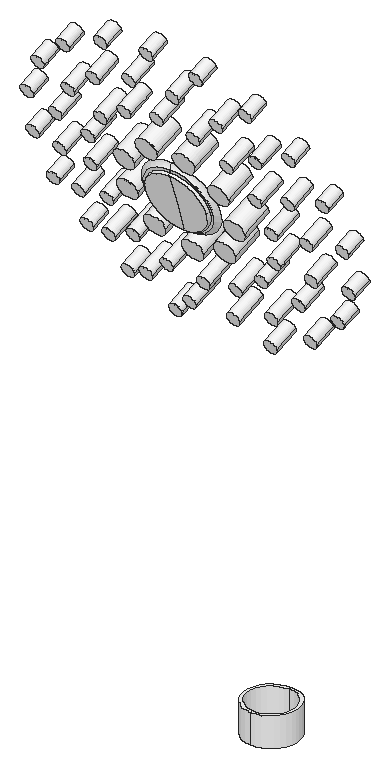
Revit family "Reece_Shower_Posh_Domaine_Shower Handpiece_3 Function", category Plumbing Fixtures, host Face, Revit 2018
Family settings
  Host = Face
  Round Connector Dimension = Use Diameter
  Part Type = Normal
  Cut with Voids When Loaded = No
  Shared = Yes
  Room Calculation Point = Yes
Parameters (values of type "Chrome")
  WFU = 0  # constant formula
  URL = "https://www.reece.com.au/product/-2213739"
  Type Comments = "Shower"
  Reece_Shower_Inlet = 12 mm  # constant formula
  Reece_Product_Web Page = "https://www.reece.com.au/product/-2213739"
  Reece_Product_Type = "Shower"  # constant formula
  Reece_Product_Sub Brand = "Domaine"  # constant formula
  Reece_Product_Number = "2213739"
  Reece_Product_Mount = "N/A"
  Reece_Product_Description = "Posh Domaine Shower Handpiece Only 3 Function Chrome (4 Star)"
  Reece_Product_Brand = "Posh"  # constant formula
  Reece_Overall_Projection = 67 mm  # constant formula
  Reece_Overall_Height = 243 mm  # constant formula
  Reece_Overall_Diameter = 130 mm  # constant formula
  Reece_Material_Secondary = Reece_Plastic_White
  Reece_Material_Main = Reece_Brass_Chrome
  Reece_Detail_Function = "3 Function"  # constant formula
  Reece_Detail_Disclaimer = "THIS FILE IS THE PROPERTY OF THE REECE GROUP. IT MAY NOT BE REPRODUCED, REVERSE-ENGINEERED OR MODIFIED. ANY REPUBLICATION, TRANSMISSION OR DISTRIBUTION FOR THE PURPOSE OF COMMERCIALLY EXPLOITING THE FILES IS PROHIBITED."  # constant formula
  Reece_Detail_Additional = "Handpiece"  # constant formula
  Model = "Domaine"
  Manufacturer = "Posh"
  Keynote = "Product #2213739, Reece_Shower_Posh_Domaine_Shower Handpiece_3 Function - Chrome"
  HWFU = 0  # constant formula
  Disclaimer = "THIS FILE IS THE PROPERTY OF THE REECE GROUP. IT MAY NOT BE REPRODUCED, REVERSE-ENGINEERED OR MODIFIED. ANY REPUBLICATION, TRANSMISSION OR DISTRIBUTION FOR THE PURPOSE OF COMMERCIALLY EXPLOITING THE FILES IS PROHIBITED."  # constant formula
  Description = "Posh Domaine Shower Handpiece Only 3 Function Chrome (4 Star)"
  Default Elevation = 0 mm
  CWFU = 0  # constant formula
Reference planes
  plane 1 "Center (Front/Back)": y = 0
  plane 2: z = 0
  plane 3 "Center (Left/Right)": x = 0
  plane 4: x = -65
  plane 5: x = 65
  plane 6: z = 243
  plane 7: y = 14.326
  plane 8: y = -52.674
Forms (mm)
  Revolve 1, solid, material "Reece_Brass_Chrome" <- "Reece_Material_Main"
    sketch origin (0, -113.192, 395.542) x (0, -0.326726, 0.945119) y (0, -0.945119, -0.326726)
      loop
        line (-232.077, -0.054) -> (-219.185, -0.054)
        arc (-219.185, -0.054) -> (-220.017, 0.517) -> (-220.637, 1.313) r 3.281
        line (-220.637, 1.313) -> (-221.67, 1.313)
        arc (-221.67, 1.313) -> (-221.708, 1.853) -> (-221.98, 2.322) r 1.204
        line (-221.98, 2.322) -> (-232.077, 2.322) -> (-232.077, -0.054)
      axis (-232.077, -0.054) -> (-232.077, 2.322)
    angle from 0 to 360
  Revolve 2, solid, material "Reece_Brass_Chrome" <- "Reece_Material_Main"
    sketch origin (0, 0, 0) x (0, 1, 0) y (0, 0, 1)
      loop
        line (7.5, 0) -> (8.5, 0) -> (8.5, 9.664) -> (7.5, 9.664) -> (7.5, 0)
      axis (0, 0) -> (0, 9.664)
    angle from 0 to 360
  Extrusion 3, solid, material "Reece_Brass_Chrome" <- "Reece_Material_Main", detail levels fine
    sketch origin (0, 113.28, 201.461) x (1, 0, 0) y (0, -0.335757, 0.941949)
      loop
        circle (0, 78.112) r 2.207
    from 141.626 to 147.837
  Extrusion 4, solid, material "Reece_Brass_Chrome" <- "Reece_Material_Main", detail levels fine
    sketch origin (15.853, 114.123, 199.096) x (1, 0, 0) y (0, -0.335757, 0.941949)
      loop
        circle (0, 78.112) r 2.207
    from 141.626 to 147.837
  Extrusion 5, solid, material "Reece_Brass_Chrome" <- "Reece_Material_Main", detail levels fine
    sketch origin (0, 120.499, 181.209) x (1, 0, 0) y (0, -0.335757, 0.941949)
      loop
        circle (0, 78.112) r 2.207
    from 141.626 to 150.837
  Extrusion 6, solid, material "Reece_Brass_Chrome" <- "Reece_Material_Main", detail levels fine
    sketch origin (30.389, 116.61, 192.119) x (1, 0, 0) y (0, -0.335757, 0.941949)
      loop
        circle (0, 78.112) r 2.207
    from 141.626 to 147.837
  Extrusion 7, solid, material "Reece_Brass_Chrome" <- "Reece_Material_Main", detail levels fine
    sketch origin (41.813, 120.446, 181.359) x (1, 0, 0) y (0, -0.335757, 0.941949)
      loop
        circle (0, 78.112) r 2.207
    from 141.626 to 147.837
  Extrusion 8, solid, material "Reece_Brass_Chrome" <- "Reece_Material_Main", detail levels fine
    sketch origin (7.246, 117.013, 190.989) x (1, 0, 0) y (0, -0.335757, 0.941949)
      loop
        circle (0, 78.112) r 2.207
    from 141.626 to 149.837
  Extrusion 9, solid, material "Reece_Brass_Chrome" <- "Reece_Material_Main", detail levels fine
    sketch origin (20.535, 118.678, 186.319) x (1, 0, 0) y (0, -0.335757, 0.941949)
      loop
        circle (0, 78.112) r 2.207
    from 141.626 to 149.837
  Extrusion 10, solid, material "Reece_Brass_Chrome" <- "Reece_Material_Main", detail levels fine
    sketch origin (11.512, 121.311, 178.931) x (1, 0, 0) y (0, -0.335757, 0.941949)
      loop
        circle (0, 78.112) r 2.207
    from 141.626 to 150.837
  Extrusion 11, solid, material "Reece_Brass_Chrome" <- "Reece_Material_Main", detail levels fine
    sketch origin (20.995, 123.459, 172.906) x (1, 0, 0) y (0, -0.335757, 0.941949)
      loop
        circle (0, 78.112) r 2.207
    from 141.626 to 150.837
  Extrusion 12, solid, material "Reece_Brass_Chrome" <- "Reece_Material_Main", detail levels fine
    sketch origin (31.232, 121.7, 177.84) x (1, 0, 0) y (0, -0.335757, 0.941949)
      loop
        circle (0, 78.112) r 2.207
    from 141.626 to 149.837
  Extrusion 13, solid, material "Reece_Brass_Chrome" <- "Reece_Material_Main", detail levels fine
    sketch origin (38.742, 125.83, 166.254) x (1, 0, 0) y (0, -0.335757, 0.941949)
      loop
        circle (0, 78.112) r 2.207
    from 141.626 to 149.837
  Extrusion 14, solid, material "Reece_Brass_Chrome" <- "Reece_Material_Main", detail levels fine
    sketch origin (27.823, 126.744, 163.69) x (1, 0, 0) y (0, -0.335757, 0.941949)
      loop
        circle (0, 78.112) r 2.207
    from 141.626 to 150.837
  Extrusion 15, solid, material "Reece_Brass_Chrome" <- "Reece_Material_Main", detail levels fine
    sketch origin (15.853, 94.8, 253.308) x (1, 0, 0) y (0, -0.335757, 0.941949)
      loop
        circle (0, -78.112) r 2.207
    from 141.626 to 149.837
  Extrusion 16, solid, material "Reece_Brass_Chrome" <- "Reece_Material_Main", detail levels fine
    sketch origin (0, 88.424, 271.195) x (1, 0, 0) y (0, -0.335757, 0.941949)
      loop
        circle (0, -78.112) r 2.207
    from 141.626 to 151.837
  Extrusion 17, solid, material "Reece_Brass_Chrome" <- "Reece_Material_Main", detail levels fine
    sketch origin (30.389, 92.313, 260.285) x (1, 0, 0) y (0, -0.335757, 0.941949)
      loop
        circle (0, -78.112) r 2.207
    from 141.626 to 148.837
  Extrusion 18, solid, material "Reece_Brass_Chrome" <- "Reece_Material_Main", detail levels fine
    sketch origin (41.813, 88.477, 271.045) x (1, 0, 0) y (0, -0.335757, 0.941949)
      loop
        circle (0, -78.112) r 2.207
    from 141.626 to 147.837
  Extrusion 19, solid, material "Reece_Brass_Chrome" <- "Reece_Material_Main", detail levels fine
    sketch origin (7.246, 91.91, 261.415) x (1, 0, 0) y (0, -0.335757, 0.941949)
      loop
        circle (0, -78.112) r 2.207
    from 141.626 to 151.837
  Extrusion 20, solid, material "Reece_Brass_Chrome" <- "Reece_Material_Main", detail levels fine
    sketch origin (20.535, 90.245, 266.085) x (1, 0, 0) y (0, -0.335757, 0.941949)
      loop
        circle (0, -78.112) r 2.207
    from 141.626 to 150.837
  Extrusion 21, solid, material "Reece_Brass_Chrome" <- "Reece_Material_Main", detail levels fine
    sketch origin (11.512, 87.612, 273.473) x (1, 0, 0) y (0, -0.335757, 0.941949)
      loop
        circle (0, -78.112) r 2.207
    from 141.626 to 151.837
  Extrusion 22, solid, material "Reece_Brass_Chrome" <- "Reece_Material_Main", detail levels fine
    sketch origin (20.995, 85.464, 279.498) x (1, 0, 0) y (0, -0.335757, 0.941949)
      loop
        circle (0, -78.112) r 2.207
    from 141.626 to 150.837
  Extrusion 23, solid, material "Reece_Brass_Chrome" <- "Reece_Material_Main", detail levels fine
    sketch origin (31.232, 87.223, 274.564) x (1, 0, 0) y (0, -0.335757, 0.941949)
      loop
        circle (0, -78.112) r 2.207
    from 141.626 to 149.837
  Extrusion 24, solid, material "Reece_Brass_Chrome" <- "Reece_Material_Main", detail levels fine
    sketch origin (49.242, 83.715, 284.406) x (1, 0, 0) y (0, -0.335757, 0.941949)
      loop
        circle (0, -78.112) r 2.207
    from 141.626 to 147.837
  Extrusion 25, solid, material "Reece_Brass_Chrome" <- "Reece_Material_Main", detail levels fine
    sketch origin (38.742, 83.093, 286.15) x (1, 0, 0) y (0, -0.335757, 0.941949)
      loop
        circle (0, -78.112) r 2.207
    from 141.626 to 149.837
  Extrusion 26, solid, material "Reece_Brass_Chrome" <- "Reece_Material_Main", detail levels fine
    sketch origin (27.823, 82.179, 288.714) x (1, 0, 0) y (0, -0.335757, 0.941949)
      loop
        circle (0, -78.112) r 2.207
    from 141.626 to 150.837
  Extrusion 27, solid, material "Reece_Brass_Chrome" <- "Reece_Material_Main", detail levels fine
    sketch origin (30.133, 130.623, 152.806) x (1, 0, 0) y (0, -0.335757, 0.941949)
      loop
        circle (0, 78.112) r 2.207
    from 141.626 to 150.837
  Extrusion 28, solid, material "Reece_Brass_Chrome" <- "Reece_Material_Main", detail levels fine
    sketch origin (41.096, 130.623, 152.806) x (1, 0, 0) y (0, -0.335757, 0.941949)
      loop
        circle (0, 78.112) r 2.207
    from 141.626 to 149.837
  Extrusion 29, solid, material "Reece_Brass_Chrome" <- "Reece_Material_Main", detail levels fine
    sketch origin (51.599, 130.623, 152.806) x (1, 0, 0) y (0, -0.335757, 0.941949)
      loop
        circle (0, 78.112) r 2.207
    from 141.626 to 147.837
  Extrusion 30, solid, material "Reece_Brass_Chrome" <- "Reece_Material_Main", detail levels fine
    sketch origin (-15.853, 114.123, 199.096) x (-1, 0, 0) y (0, 0.335757, -0.941949)
      loop
        circle (0, -78.112) r 2.207
    from 141.626 to 147.837
  Extrusion 31, solid, material "Reece_Brass_Chrome" <- "Reece_Material_Main", detail levels fine
    sketch origin (-30.389, 116.61, 192.119) x (-1, 0, 0) y (0, 0.335757, -0.941949)
      loop
        circle (0, -78.112) r 2.207
    from 141.626 to 147.837
  Extrusion 32, solid, material "Reece_Brass_Chrome" <- "Reece_Material_Main", detail levels fine
    sketch origin (-41.813, 120.446, 181.359) x (-1, 0, 0) y (0, 0.335757, -0.941949)
      loop
        circle (0, -78.112) r 2.207
    from 141.626 to 147.837
  Extrusion 33, solid, material "Reece_Brass_Chrome" <- "Reece_Material_Main", detail levels fine
    sketch origin (-7.246, 117.013, 190.989) x (-1, 0, 0) y (0, 0.335757, -0.941949)
      loop
        circle (0, -78.112) r 2.207
    from 141.626 to 149.837
  Extrusion 34, solid, material "Reece_Brass_Chrome" <- "Reece_Material_Main", detail levels fine
    sketch origin (-20.535, 118.678, 186.319) x (-1, 0, 0) y (0, 0.335757, -0.941949)
      loop
        circle (0, -78.112) r 2.207
    from 141.626 to 149.837
  Extrusion 35, solid, material "Reece_Brass_Chrome" <- "Reece_Material_Main", detail levels fine
    sketch origin (-11.512, 121.311, 178.931) x (-1, 0, 0) y (0, 0.335757, -0.941949)
      loop
        circle (0, -78.112) r 2.207
    from 141.626 to 150.837
  Extrusion 36, solid, material "Reece_Brass_Chrome" <- "Reece_Material_Main", detail levels fine
    sketch origin (-20.995, 123.459, 172.906) x (-1, 0, 0) y (0, 0.335757, -0.941949)
      loop
        circle (0, -78.112) r 2.207
    from 141.626 to 150.837
  Extrusion 37, solid, material "Reece_Brass_Chrome" <- "Reece_Material_Main", detail levels fine
    sketch origin (-31.232, 121.7, 177.84) x (-1, 0, 0) y (0, 0.335757, -0.941949)
      loop
        circle (0, -78.112) r 2.207
    from 141.626 to 149.837
  Extrusion 38, solid, material "Reece_Brass_Chrome" <- "Reece_Material_Main", detail levels fine
    sketch origin (-49.242, 125.208, 167.998) x (-1, 0, 0) y (0, 0.335757, -0.941949)
      loop
        circle (0, -78.112) r 2.207
    from 141.626 to 147.837
  Extrusion 39, solid, material "Reece_Brass_Chrome" <- "Reece_Material_Main", detail levels fine
    sketch origin (-38.742, 125.83, 166.254) x (-1, 0, 0) y (0, 0.335757, -0.941949)
      loop
        circle (0, -78.112) r 2.207
    from 141.626 to 149.837
  Extrusion 40, solid, material "Reece_Brass_Chrome" <- "Reece_Material_Main", detail levels fine
    sketch origin (-27.823, 126.744, 163.69) x (-1, 0, 0) y (0, 0.335757, -0.941949)
      loop
        circle (0, -78.112) r 2.207
    from 141.626 to 150.837
  Extrusion 41, solid, material "Reece_Brass_Chrome" <- "Reece_Material_Main", detail levels fine
    sketch origin (-15.853, 94.8, 253.308) x (-1, 0, 0) y (0, 0.335757, -0.941949)
      loop
        circle (0, 78.112) r 2.207
    from 141.626 to 149.837
  Extrusion 42, solid, material "Reece_Brass_Chrome" <- "Reece_Material_Main", detail levels fine
    sketch origin (-30.389, 92.313, 260.285) x (-1, 0, 0) y (0, 0.335757, -0.941949)
      loop
        circle (0, 78.112) r 2.207
    from 141.626 to 148.837
  Extrusion 43, solid, material "Reece_Brass_Chrome" <- "Reece_Material_Main", detail levels fine
    sketch origin (-41.813, 88.477, 271.045) x (-1, 0, 0) y (0, 0.335757, -0.941949)
      loop
        circle (0, 78.112) r 2.207
    from 141.626 to 147.837
  Extrusion 44, solid, material "Reece_Brass_Chrome" <- "Reece_Material_Main", detail levels fine
    sketch origin (-7.246, 91.91, 261.415) x (-1, 0, 0) y (0, 0.335757, -0.941949)
      loop
        circle (0, 78.112) r 2.207
    from 141.626 to 151.837
  Extrusion 45, solid, material "Reece_Brass_Chrome" <- "Reece_Material_Main", detail levels fine
    sketch origin (-20.535, 90.245, 266.085) x (-1, 0, 0) y (0, 0.335757, -0.941949)
      loop
        circle (0, 78.112) r 2.207
    from 141.626 to 151.837
  Extrusion 46, solid, material "Reece_Brass_Chrome" <- "Reece_Material_Main", detail levels fine
    sketch origin (-20.995, 85.464, 279.498) x (-1, 0, 0) y (0, 0.335757, -0.941949)
      loop
        circle (0, 78.112) r 2.207
    from 141.626 to 151.837
  Extrusion 47, solid, material "Reece_Brass_Chrome" <- "Reece_Material_Main", detail levels fine
    sketch origin (-31.232, 87.223, 274.564) x (-1, 0, 0) y (0, 0.335757, -0.941949)
      loop
        circle (0, 78.112) r 2.207
    from 141.626 to 150.837
  Extrusion 48, solid, material "Reece_Brass_Chrome" <- "Reece_Material_Main", detail levels fine
    sketch origin (-49.242, 83.715, 284.406) x (-1, 0, 0) y (0, 0.335757, -0.941949)
      loop
        circle (0, 78.112) r 2.207
    from 141.626 to 147.837
  Extrusion 49, solid, material "Reece_Brass_Chrome" <- "Reece_Material_Main", detail levels fine
    sketch origin (-38.742, 83.093, 286.15) x (-1, 0, 0) y (0, 0.335757, -0.941949)
      loop
        circle (0, 78.112) r 2.207
    from 141.626 to 149.837
  Extrusion 50, solid, material "Reece_Brass_Chrome" <- "Reece_Material_Main", detail levels fine
    sketch origin (-27.823, 82.179, 288.714) x (-1, 0, 0) y (0, 0.335757, -0.941949)
      loop
        circle (0, 78.112) r 2.207
    from 141.626 to 150.837
  Extrusion 51, solid, material "Reece_Brass_Chrome" <- "Reece_Material_Main", detail levels fine
    sketch origin (-30.133, 130.623, 152.806) x (-1, 0, 0) y (0, 0.335757, -0.941949)
      loop
        circle (0, -78.112) r 2.207
    from 141.626 to 150.837
  Extrusion 52, solid, material "Reece_Brass_Chrome" <- "Reece_Material_Main", detail levels fine
    sketch origin (-41.096, 130.623, 152.806) x (-1, 0, 0) y (0, 0.335757, -0.941949)
      loop
        circle (0, -78.112) r 2.207
    from 141.626 to 149.837
  Extrusion 53, solid, material "Reece_Brass_Chrome" <- "Reece_Material_Main", detail levels fine
    sketch origin (-51.599, 130.623, 152.806) x (-1, 0, 0) y (0, 0.335757, -0.941949)
      loop
        circle (0, -78.112) r 2.207
    from 141.626 to 147.837
  Extrusion 54, solid, material "Reece_Brass_Chrome" <- "Reece_Material_Main", detail levels fine
    sketch origin (6.831, 124.506, 169.97) x (1, 0, 0) y (0, -0.335757, 0.941949)
      loop
        circle (8.883, 68.967) r 3.52
      loop
        circle (10.967, 56.864) r 3.52
    from 141.626 to 151.837
  Extrusion 55, solid, material "Reece_Brass_Chrome" <- "Reece_Material_Main", detail levels fine
    sketch origin (-6.831, 124.506, 169.97) x (-1, 0, 0) y (0, 0.335757, -0.941949)
      loop
        circle (8.883, -68.967) r 3.52
      loop
        circle (10.967, -56.864) r 3.52
    from 141.626 to 151.837
  Extrusion 56, solid, material "Reece_Brass_Chrome" <- "Reece_Material_Main", detail levels fine
    sketch origin (6.604, 124.546, 169.857) x (1, 0, 0) y (0, -0.335757, 0.941949)
      loop
        circle (-0.404, 76.966) r 3.648
    from 141.626 to 151.837
  Extrusion 57, solid, material "Reece_Brass_Chrome" <- "Reece_Material_Main", detail levels fine
    sketch origin (-6.604, 124.546, 169.857) x (-1, 0, 0) y (0, 0.335757, -0.941949)
      loop
        circle (-0.404, -76.966) r 3.648
    from 141.626 to 151.837
  Extrusion 58, solid, material "Reece_Brass_Chrome" <- "Reece_Material_Main", detail levels fine
    sketch origin (-12.028, 83.216, 285.806) x (-1, 0, 0) y (0, 0.335757, -0.941949)
      loop
        circle (-0.404, 76.966) r 3.648
    from 141.626 to 151.837
  Extrusion 59, solid, material "Reece_Brass_Chrome" <- "Reece_Material_Main", detail levels fine
    sketch origin (11.298, 83.221, 285.79) x (-1, 0, 0) y (0, 0.335757, -0.941949)
      loop
        circle (-0.404, 76.966) r 3.648
    from 141.626 to 151.837
  Extrusion 60, solid, material "Reece_Brass_Chrome" <- "Reece_Material_Main", detail levels fine
    sketch origin (-0.533, 84.667, 281.734) x (-1, 0, 0) y (0, 0.335757, -0.941949)
      loop
        circle (-0.404, 76.966) r 3.648
    from 141.626 to 151.837
  Extrusion 61, solid, material "Reece_Brass_Chrome" <- "Reece_Material_Main", detail levels fine
    sketch origin (49.242, 125.208, 167.998) x (1, 0, 0) y (0, -0.335757, 0.941949)
      loop
        circle (0, 78.112) r 2.207
    from 141.626 to 147.837
  Extrusion 62, solid, material "Reece_Brass_Chrome" <- "Reece_Material_Main", detail levels fine
    sketch origin (-11.668, 87.823, 272.881) x (1, 0, 0) y (0, -0.335757, 0.941949)
      loop
        circle (0, -78.112) r 2.207
    from 141.626 to 151.837
Lines and regions (mm)
  symbolic lines, style "PlumbingFixtures"
    curve 1: line (0, -13.826, 9.784) -> (0, -12.549, 80.706)
    curve 2: arc (0, -12.549, 80.706) -> (0, -12.683, 92.01) -> (0, -13.49, 103.286) r 189.436
    curve 3: arc (0, -52.704, 240.362) -> (0, -46.768, 206.732) -> (0, -37.914, 173.75) r 390.174
    curve 4: line (0, 14.326, 9.664) -> (0, 14.326, 59.664)
    curve 5: arc (0, 14.326, 59.664) -> (0, -0.462, 155.778) -> (0, -43.46, 243) r 319.727
    curve 6: line (0, -43.46, 243) -> (0, -52.704, 240.362)
    curve 7: arc (0, -18.749, 124.513) -> (0, -40.187, 181.092) -> (0, -52.694, 240.289) r 393.37
    curve 8: line (0, 14.326, 9.664) -> (0, -14.041, 9.789)
Text (mm)
  text "Reece Copyright © 2018, Reece Ltd." at (-503.099, -301.138, 0), in view "Ref. Level"
  text "Reece ©" at (290.323, 26.521, 334.836), in view "Reece_Preview"
Dimensions and locks
  equal spacing: plane 4, plane 3 "Center (Left/Right)", plane 5
  "Reece_Overall_Diameter": plane 4 to plane 5
  "Reece_Overall_Diameter": free form element to plane 4
  "Reece_Overall_Height": plane 6 to plane 2
  "Reece_Overall_Projection": plane 7 to plane 8
  "Reece_Overall_Projection": plane 7 to free form element
  aligned and locked: plane 2 to host face
  aligned and locked: level to host face
Automatic sketch dimensions
  host sketch curve to host sketch curve = 407.898 mm
  host sketch curve to host sketch curve = 410.737 mm
  Revolve 1 sketch curve to Revolve 1 sketch curve = 9.217 mm
  Revolve 1 sketch curve to Revolve 1 sketch curve = 0.88 mm
  Revolve 1 sketch curve to Revolve 1 sketch curve = 0.31 mm
  Revolve 1 sketch curve to Revolve 1 sketch curve = 1.032 mm
  Revolve 1 sketch curve to Revolve 1 sketch curve = 1.452 mm
  Revolve 1 sketch curve to Revolve 1 sketch curve = 1.416 mm
  Revolve 1 sketch curve to Revolve 1 sketch curve = 1.367 mm
  Revolve 1 sketch curve to Revolve 1 sketch curve = 0.186 mm
  Revolve 1 sketch curve to Revolve 1 sketch curve = 0 mm  (x2)
  Revolve 1 sketch curve to Revolve 1 sketch curve = 1.879 mm
  plane 8 to Revolve 1 sketch curve = 15.358 mm
  Revolve 1 sketch curve to plane 6 = 66.781 mm
  Revolve 2 sketch curve to plane 1 "Center (Front/Back)" = 0 mm
  Revolve 2 sketch curve to level = 0 mm
  Revolve 2 sketch curve to plane 7 = 6.826 mm
  Revolve 2 sketch curve to Revolve 2 sketch curve = 1 mm
  Revolve 2 sketch curve to Revolve 2 sketch curve = 9.664 mm
  Revolve 2 sketch curve to level = 10.336 mm
  Revolve 2 sketch curve to Revolve 2 sketch curve = 50 mm
  Extrusion 3 sketch curve to plane 3 "Center (Left/Right)" = 0 mm
  plane 3 "Center (Left/Right)" to Extrusion 4 sketch curve = 15.853 mm
  Extrusion 5 sketch curve to plane 3 "Center (Left/Right)" = 0 mm
  plane 3 "Center (Left/Right)" to Extrusion 6 sketch curve = 30.389 mm
  plane 5 to Extrusion 7 sketch curve = 23.187 mm
  plane 3 "Center (Left/Right)" to Extrusion 8 sketch curve = 7.246 mm
  plane 3 "Center (Left/Right)" to Extrusion 9 sketch curve = 20.535 mm
  plane 3 "Center (Left/Right)" to Extrusion 10 sketch curve = 11.512 mm
  plane 3 "Center (Left/Right)" to Extrusion 11 sketch curve = 20.995 mm
  plane 3 "Center (Left/Right)" to Extrusion 12 sketch curve = 31.232 mm
  plane 5 to Extrusion 13 sketch curve = 26.258 mm
  plane 3 "Center (Left/Right)" to Extrusion 14 sketch curve = 27.823 mm
  plane 3 "Center (Left/Right)" to Extrusion 15 sketch curve = 15.853 mm
  Extrusion 16 sketch curve to plane 3 "Center (Left/Right)" = 0 mm
  plane 3 "Center (Left/Right)" to Extrusion 17 sketch curve = 30.389 mm
  plane 5 to Extrusion 18 sketch curve = 23.187 mm
  plane 3 "Center (Left/Right)" to Extrusion 19 sketch curve = 7.246 mm
  plane 3 "Center (Left/Right)" to Extrusion 20 sketch curve = 20.535 mm
  plane 3 "Center (Left/Right)" to Extrusion 21 sketch curve = 11.512 mm
  plane 3 "Center (Left/Right)" to Extrusion 22 sketch curve = 20.995 mm
  plane 3 "Center (Left/Right)" to Extrusion 23 sketch curve = 31.232 mm
  plane 5 to Extrusion 24 sketch curve = 15.758 mm
  plane 5 to Extrusion 25 sketch curve = 26.258 mm
  plane 3 "Center (Left/Right)" to Extrusion 26 sketch curve = 27.823 mm
  plane 3 "Center (Left/Right)" to Extrusion 27 sketch curve = 30.133 mm
  plane 5 to Extrusion 28 sketch curve = 23.904 mm
  plane 5 to Extrusion 29 sketch curve = 13.401 mm
  Extrusion 30 sketch curve to plane 3 "Center (Left/Right)" = 15.853 mm
  Extrusion 31 sketch curve to plane 3 "Center (Left/Right)" = 30.389 mm
  plane 4 to Extrusion 32 sketch curve = 23.187 mm
  Extrusion 33 sketch curve to plane 3 "Center (Left/Right)" = 7.246 mm
  Extrusion 34 sketch curve to plane 3 "Center (Left/Right)" = 20.535 mm
  Extrusion 35 sketch curve to plane 3 "Center (Left/Right)" = 11.512 mm
  Extrusion 36 sketch curve to plane 3 "Center (Left/Right)" = 20.995 mm
  Extrusion 37 sketch curve to plane 3 "Center (Left/Right)" = 31.232 mm
  plane 4 to Extrusion 38 sketch curve = 15.758 mm
  plane 4 to Extrusion 39 sketch curve = 26.258 mm
  Extrusion 40 sketch curve to plane 3 "Center (Left/Right)" = 27.823 mm
  Extrusion 41 sketch curve to plane 3 "Center (Left/Right)" = 15.853 mm
  Extrusion 42 sketch curve to plane 3 "Center (Left/Right)" = 30.389 mm
  plane 4 to Extrusion 43 sketch curve = 23.187 mm
  Extrusion 44 sketch curve to plane 3 "Center (Left/Right)" = 7.246 mm
  Extrusion 45 sketch curve to plane 3 "Center (Left/Right)" = 20.535 mm
  Extrusion 46 sketch curve to plane 3 "Center (Left/Right)" = 20.995 mm
  Extrusion 47 sketch curve to plane 3 "Center (Left/Right)" = 31.232 mm
  plane 4 to Extrusion 48 sketch curve = 15.758 mm
  plane 4 to Extrusion 49 sketch curve = 26.258 mm
  Extrusion 50 sketch curve to plane 3 "Center (Left/Right)" = 27.823 mm
  Extrusion 51 sketch curve to plane 3 "Center (Left/Right)" = 30.133 mm
  plane 4 to Extrusion 52 sketch curve = 23.904 mm
  plane 4 to Extrusion 53 sketch curve = 13.401 mm
  plane 3 "Center (Left/Right)" to Extrusion 54 sketch curve = 15.715 mm
  Extrusion 54 sketch curve to Extrusion 54 sketch curve = 2.084 mm
  Extrusion 54 sketch curve to Extrusion 54 sketch curve = 12.103 mm
  Extrusion 55 sketch curve to plane 3 "Center (Left/Right)" = 15.715 mm
  Extrusion 55 sketch curve to Extrusion 55 sketch curve = 2.084 mm
  Extrusion 55 sketch curve to Extrusion 55 sketch curve = 12.103 mm
  plane 3 "Center (Left/Right)" to Extrusion 56 sketch curve = 6.2 mm
  Extrusion 57 sketch curve to plane 3 "Center (Left/Right)" = 6.2 mm
  Extrusion 58 sketch curve to plane 3 "Center (Left/Right)" = 11.625 mm
  plane 3 "Center (Left/Right)" to Extrusion 59 sketch curve = 11.702 mm
  Extrusion 60 sketch curve to plane 3 "Center (Left/Right)" = 0.129 mm
  plane 5 to Extrusion 61 sketch curve = 15.758 mm
  Extrusion 62 sketch curve to plane 3 "Center (Left/Right)" = 11.668 mm
  curve 2 to plane 8 = 149.28 mm
  plane 1 "Center (Front/Back)" to curve 1 = 12.549 mm
  level to curve 1 = 80.706 mm
  level to curve 2 = 84.117 mm
  plane 1 "Center (Front/Back)" to curve 1 = 13.826 mm
  plane 1 "Center (Front/Back)" to curve 2 = 13.49 mm
  level to curve 1 = 9.784 mm
  curve 6 to plane 6 = 0 mm
  plane 8 to curve 6 = 9.214 mm
  curve 6 to plane 8 = 0.031 mm
  level to curve 5 = 59.664 mm
  plane 6 to curve 3 = 48.307 mm
  plane 7 to curve 3 = 319.803 mm
  curve 3 to curve 7 = 3.163 mm
  curve 6 to plane 6 = 2.638 mm
  curve 3 to curve 7 = 0.46 mm
  plane 1 "Center (Front/Back)" to curve 8 = 14.041 mm
  plane 1 "Center (Front/Back)" to curve 7 = 18.749 mm
  plane 8 to curve 3 = 14.76 mm
  curve 7 to plane 8 = 0.021 mm
  level to curve 8 = 9.789 mm
  level to curve 4 = 9.664 mm
  curve 7 to curve 3 = 49.237 mm
  curve 8 to plane 7 = 0 mm
  radius of Extrusion 3 sketch curve = 2.207 mm
  radius of Extrusion 4 sketch curve = 2.207 mm
  radius of Extrusion 5 sketch curve = 2.207 mm
  radius of Extrusion 6 sketch curve = 2.207 mm
  radius of Extrusion 7 sketch curve = 2.207 mm
  radius of Extrusion 8 sketch curve = 2.207 mm
  radius of Extrusion 9 sketch curve = 2.207 mm
  radius of Extrusion 10 sketch curve = 2.207 mm
  radius of Extrusion 11 sketch curve = 2.207 mm
  radius of Extrusion 12 sketch curve = 2.207 mm
  radius of Extrusion 13 sketch curve = 2.207 mm
  radius of Extrusion 14 sketch curve = 2.207 mm
  radius of Extrusion 15 sketch curve = 2.207 mm
  radius of Extrusion 16 sketch curve = 2.207 mm
  radius of Extrusion 17 sketch curve = 2.207 mm
  radius of Extrusion 18 sketch curve = 2.207 mm
  radius of Extrusion 19 sketch curve = 2.207 mm
  radius of Extrusion 20 sketch curve = 2.207 mm
  radius of Extrusion 21 sketch curve = 2.207 mm
  radius of Extrusion 22 sketch curve = 2.207 mm
  radius of Extrusion 23 sketch curve = 2.207 mm
  radius of Extrusion 24 sketch curve = 2.207 mm
  radius of Extrusion 25 sketch curve = 2.207 mm
  radius of Extrusion 26 sketch curve = 2.207 mm
  radius of Extrusion 27 sketch curve = 2.207 mm
  radius of Extrusion 28 sketch curve = 2.207 mm
  radius of Extrusion 29 sketch curve = 2.207 mm
  radius of Extrusion 30 sketch curve = 2.207 mm
  radius of Extrusion 31 sketch curve = 2.207 mm
  radius of Extrusion 32 sketch curve = 2.207 mm
  radius of Extrusion 33 sketch curve = 2.207 mm
  radius of Extrusion 34 sketch curve = 2.207 mm
  radius of Extrusion 35 sketch curve = 2.207 mm
  radius of Extrusion 36 sketch curve = 2.207 mm
  radius of Extrusion 37 sketch curve = 2.207 mm
  radius of Extrusion 38 sketch curve = 2.207 mm
  radius of Extrusion 39 sketch curve = 2.207 mm
  radius of Extrusion 40 sketch curve = 2.207 mm
  radius of Extrusion 41 sketch curve = 2.207 mm
  radius of Extrusion 42 sketch curve = 2.207 mm
  radius of Extrusion 43 sketch curve = 2.207 mm
  radius of Extrusion 44 sketch curve = 2.207 mm
  radius of Extrusion 45 sketch curve = 2.207 mm
  radius of Extrusion 46 sketch curve = 2.207 mm
  radius of Extrusion 47 sketch curve = 2.207 mm
  radius of Extrusion 48 sketch curve = 2.207 mm
  radius of Extrusion 49 sketch curve = 2.207 mm
  radius of Extrusion 50 sketch curve = 2.207 mm
  radius of Extrusion 51 sketch curve = 2.207 mm
  radius of Extrusion 52 sketch curve = 2.207 mm
  radius of Extrusion 53 sketch curve = 2.207 mm
  radius of Extrusion 54 sketch curve = 3.52 mm  (x2)
  radius of Extrusion 55 sketch curve = 3.52 mm  (x2)
  radius of Extrusion 56 sketch curve = 3.648 mm
  radius of Extrusion 57 sketch curve = 3.648 mm
  radius of Extrusion 58 sketch curve = 3.648 mm
  radius of Extrusion 59 sketch curve = 3.648 mm
  radius of Extrusion 60 sketch curve = 3.648 mm
  radius of Extrusion 61 sketch curve = 2.207 mm
  radius of Extrusion 62 sketch curve = 2.207 mm
Connectors
  piping at (0, 0, 0), diameter 12, driven by "Reece_Shower_Inlet"
    settings: on Revolve 2, index 1, connector inside diameter 609.6 mm, connector length 0 mm, flow factor 0, pipe flow 0.0 L/s, pressure drop 0.0 Pa, fitting loss kfactor 0, connector angle 0.00°, fixture units 0, engagement length 0 mm, angle of deflection 0.00°, flow configuration 0, flow direction 1, fitting loss method 0, system type 29, joint type 0, gender type 0, connector reference index -1, connector utility 0, adjustable connector no, is connector primary yes, connector description ""
